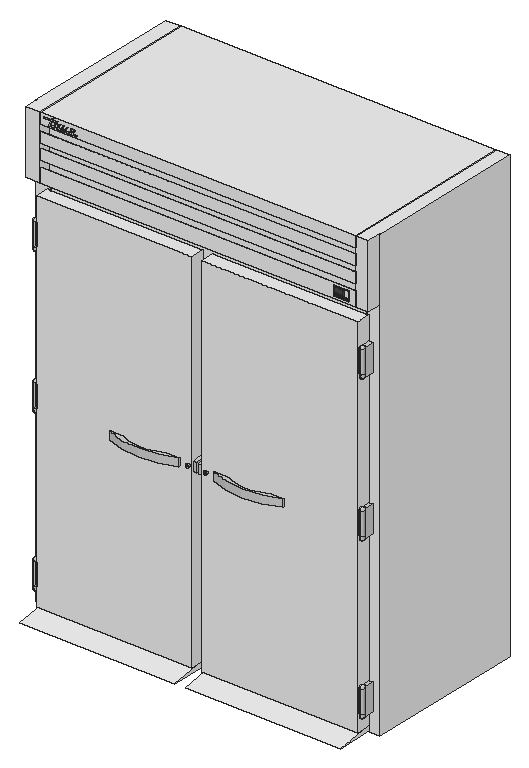
Revit family
Parameters
  Weight in Pounds = 0
  Watts = Volts * FL Amps  # 1357 W
  Volts = 115 V
  URL Cutsheet = "www.truemfg.com"
  URL = "www.truemfg.com"
  Type Mark [instance] = ""
  Type Comments = ""
  Status [instance] = ""
  Specification by User [instance] = ""
  Specification by Manufacturer = ""
  Show Logo [instance] = yes
  Show Clearance [instance] = yes
  Serial Number = ""
  Seismic Rating = ""
  SMACNA No = ""
  Revision Code [instance] = ""
  Phase = 1
  Omniclass Number and Title = ""
  Number of Poles [instance] = 1
  NAFEM Spec ID Number = ""
  Model = "STG2RRI89-2S"
  Min Ckt Ampacity = 0 A
  Max Overcurrent Protection = 0 A
  Masterspec = ""
  Manufacturer = "TRUE FOOD SERVICE EQUIPMENT, INC."
  Length = 68"
  Item Number [instance] = ""
  Installed By [instance] = ""
  Identify Quantity as Lot [instance] = yes
  Height = 88 3/4"
  HP = "1/2"
  Furnished By [instance] = ""
  Foodservice Equipment Identifier [instance] = yes
  FL Amps = 11.8 A
  Electrical Remarks [instance] = ""
  Electric Connection Type [instance] = ""
  Elec Conn RI Height [instance] = 0"
  Elec Conn Connection Height [instance] = 0"
  Description = "Roll-in Solid Swing Door Refrigerator"
  Depth = 34 3/4"
  Cycle = 60 Hz
  Conn Plug = "5-15P"
  Conn Conduit = yes
  CSI MasterFormat = ""
  CSI Master Format = ""
  Apparent Power = if(Phase = 3, Volts * FL Amps * 1.73, Volts * FL Amps)  # 1357 VA
Reference planes (in)
  plane 1 "BACK": y = 0
  plane 2: z = 0
  plane 3 "LEFT": x = 0
  plane 4 "RIGHT": x = 68
  plane 5 "FRONT": y = -34.75
  plane 6 "TOP": z = 88.75
  plane 7: x = 2.84375
  plane 8: y = -34.7042
  plane 9: x = 34
  plane 10: z = 73.75
Forms (in)
  Extrusion 1, solid, material "QF_Finishes_Chrome - Satin"
    sketch origin (0.05, 0, 0) x (1, 0, 0) y (0, 1, 0)
      loop
        line (-0.05, 0) -> (-0.05, -32) -> (2.87859, -32) -> (2.87859, 0) -> (-0.05, 0)
    from 0 to 88.75
  Extrusion 2, solid, material "QF_Finishes_Chrome - Satin"
    sketch origin (50.15, 0, 0) x (1, 0, 0) y (0, 1, 0)
      loop
        line (15.15, 0) -> (15.15, -32) -> (17.85, -32) -> (17.85, 0) -> (15.15, 0)
    from 0 to 88.75
  Extrusion 3, solid, material "QF_Finishes_Chrome - Satin"
    sketch origin (0, 0, 0) x (0, 1, 0) y (0, 0, 1)
      loop
        line (-34.7042, 76.28125) -> (-32, 76.28125) -> (-32, 0) -> (0, 0) -> (0, 88.75) -> (-34.7042, 88.75) -> (-34.7042, 86.65578) -> (-32.5, 85.08852) -> (-32.5, 83.96625) -> (-34.7042, 85.53351) -> (-34.7042, 83.3998) -> (-32.5, 81.83254) -> (-32.5, 80.87178) -> (-34.7042, 82.43904) -> (-34.7042, 80.34284) -> (-32.5, 78.77557) -> (-32.5, 77.5) -> (-34.7042, 79.06726) -> (-34.7042, 76.28125)
    from 2.92859 to 65.3
  Extrusion 4, solid, material "QF_Finishes_Chrome - Satin"
    sketch origin (0, 0, 0) x (1, 0, 0) y (0, 1, 0)
      loop
        line (67.84782, -32) -> (65.3, -32) -> (65.3, -34.75) -> (67.84782, -34.75) -> (67.84782, -32)
    from 76.28125 to 88.75
  Extrusion 5, solid, material "QF_Finishes_Chrome - Satin"
    sketch origin (-50.125, 0, 0.25) x (1, 0, 0) y (0, 1, 0)
      loop
        line (53.05359, -32) -> (50.24109, -32) -> (50.24109, -34.75) -> (53.05359, -34.75) -> (53.05359, -32)
    from 76.03125 to 88.5
  Extrusion 6, solid, material "QF_Finishes_Chrome - Satin"
    sketch origin (8.03125, -1, -0.71875) x (1, 0, 0) y (0, 0, 1)
      loop
        line (26.96875, 1.71875) -> (57.65625, 1.71875) -> (57.65625, 74.46875) -> (26.96875, 74.46875) -> (26.96875, 1.71875)
    from 31 to 33.75
  Extrusion 7, solid, material "QF_Finishes_Handrails and Railings"
    sketch origin (91.34375, -0.25, 24.93519) x (1, 0, 0) y (0, 1, 0)
      loop
        line (-53.875, -34.5) -> (-53.875, -34.7)
        arc (-53.875, -34.7) -> (-47.075, -36.14405) -> (-40.275, -34.7) r 16.7325
        line (-40.275, -34.7) -> (-40.275, -34.5) -> (-42.675, -34.5)
        arc (-42.675, -34.5) -> (-47.075, -35.65816) -> (-51.475, -34.5) r 8.93715
        line (-51.475, -34.5) -> (-53.875, -34.5)
    from 10.87731 to 12.37731
  Extrusion 8, solid, material "QF_Finishes_Handrails and Railings"
    sketch origin (9.34375, -1.08467, -3.5) x (1, 0, 0) y (0, 0, 1)
      loop
        circle (26.4375, 40.0625) r 0.35
      loop
        line (26.47265, 40.33635) -> (26.41715, 40.33635) -> (26.41715, 39.76895) -> (26.47265, 39.76895) -> (26.47265, 40.33635)
    from 33.5 to 33.83066
  Extrusion 9, solid, material "QF_Finishes_Handrails and Railings", visible <- "Show Logo"
    sketch origin (0.33478, 0.06376, 5.17482) x (1, 0, 0) y (0, 0, 1)
      loop
        line (3.46044, 83.08731) -> (3.35478, 82.86073) -> (4.76027, 82.86073)
        arc (4.76027, 82.86073) -> (4.78879, 82.81028) -> (4.76027, 82.75984) r 0.05887
        line (4.76027, 82.75984) -> (4.39369, 81.97372)
        arc (4.39369, 81.97372) -> (4.39051, 81.90091) -> (4.43975, 81.84717) r 0.09523
        line (4.43975, 81.84717) -> (5.33844, 81.84717)
        arc (5.33844, 81.84717) -> (5.45192, 81.88295) -> (5.52436, 81.97735) r 0.19785
        line (5.52436, 81.97735) -> (5.81285, 82.59601) -> (6.0779, 82.59601)
        arc (6.0779, 82.59601) -> (6.14744, 82.57043) -> (6.13737, 82.49703) r 0.05911
        line (6.13737, 82.49703) -> (5.89598, 81.97937)
        arc (5.89598, 81.97937) -> (5.89974, 81.8934) -> (5.97231, 81.84717) r 0.09318
        line (5.97231, 81.84717) -> (6.76198, 81.84717)
        arc (6.76198, 81.84717) -> (6.82249, 81.86919) -> (6.85468, 81.92495) r 0.09412
        arc (6.85468, 81.92495) -> (6.87746, 81.86995) -> (6.93246, 81.84717) r 0.07778
        line (6.93246, 81.84717) -> (7.43246, 81.84717)
        arc (7.43246, 81.84717) -> (7.49022, 81.86265) -> (7.53251, 81.90493) r 0.11552
        arc (7.53251, 81.90493) -> (7.55275, 81.85606) -> (7.60162, 81.83581) r 0.06912
        line (7.60162, 81.83581) -> (8.31225, 81.83581)
        arc (8.31225, 81.83581) -> (8.37034, 81.85988) -> (8.39441, 81.91797) r 0.08216
        arc (8.39441, 81.91797) -> (8.44767, 81.86472) -> (8.52042, 81.84522) r 0.14551
        line (8.52042, 81.84522) -> (9.85158, 81.84522) -> (9.99946, 82.10134) -> (8.65678, 82.10134)
        arc (8.65678, 82.10134) -> (8.61972, 82.12704) -> (8.61834, 82.17211) r 0.05009
        line (8.61834, 82.17211) -> (8.64157, 82.22192)
        arc (8.64157, 82.22192) -> (8.67723, 82.26864) -> (8.73327, 82.28635) r 0.09747
        line (8.73327, 82.28635) -> (9.16485, 82.28635)
        arc (9.16485, 82.28635) -> (9.258, 82.31131) -> (9.32619, 82.3795) r 0.1863
        line (9.32619, 82.3795) -> (9.45119, 82.59601)
        arc (9.45119, 82.59601) -> (9.45119, 82.71157) -> (9.35111, 82.76934) r 0.11556
        line (9.35111, 82.76934) -> (8.89562, 82.76934)
        arc (8.89562, 82.76934) -> (8.7795, 82.74962) -> (8.69849, 82.66412) r 0.18605
        line (8.69849, 82.66412) -> (8.48204, 82.19993)
        arc (8.48204, 82.19993) -> (8.41815, 82.11667) -> (8.31806, 82.08511) r 0.1745
        line (8.31806, 82.08511) -> (7.84559, 82.08511)
        arc (7.84559, 82.08511) -> (7.78903, 82.14684) -> (7.79268, 82.23048) r 0.10939
        line (7.79268, 82.23048) -> (8.04395, 82.76934) -> (7.88403, 82.76934) -> (7.61781, 82.19844)
        arc (7.61781, 82.19844) -> (7.56609, 82.13103) -> (7.48505, 82.10548) r 0.14128
        line (7.48505, 82.10548) -> (7.15925, 82.10548)
        arc (7.15925, 82.10548) -> (7.10419, 82.17723) -> (7.116, 82.26689) r 0.11816
        line (7.116, 82.26689) -> (7.3503, 82.76934) -> (7.18514, 82.76934) -> (6.91546, 82.191)
        arc (6.91546, 82.191) -> (6.85285, 82.12839) -> (6.76733, 82.10548) r 0.17104
        line (6.76733, 82.10548) -> (6.29555, 82.10548)
        arc (6.29555, 82.10548) -> (6.21082, 82.14499) -> (6.20267, 82.23813) r 0.0935
        line (6.20267, 82.23813) -> (6.35774, 82.57069) -> (6.57695, 82.57069)
        arc (6.57695, 82.57069) -> (6.61395, 82.68217) -> (6.69267, 82.76934) r 0.2857
        line (6.69267, 82.76934) -> (5.83605, 82.76934)
        arc (5.83605, 82.76934) -> (5.74086, 82.74824) -> (5.67498, 82.67635) r 0.16212
        line (5.67498, 82.67635) -> (5.44279, 82.17841)
        arc (5.44279, 82.17841) -> (5.3894, 82.12502) -> (5.31647, 82.10548) r 0.14586
        line (5.31647, 82.10548) -> (4.80506, 82.10548)
        arc (4.80506, 82.10548) -> (4.76514, 82.15942) -> (4.77274, 82.22609) r 0.09155
        line (4.77274, 82.22609) -> (5.11018, 82.86073) -> (5.96155, 82.86073) -> (6.06721, 83.08731) -> (5.21584, 83.08731) -> (5.32149, 83.31388) -> (5.01862, 83.31388) -> (4.91297, 83.08731) -> (3.46044, 83.08731)
      loop
        arc (8.83805, 82.56363) -> (8.80119, 82.55375) -> (8.7742, 82.52676) r 0.07373
        line (8.7742, 82.52676) -> (8.75229, 82.45936)
        arc (8.75229, 82.45936) -> (8.76245, 82.43483) -> (8.78699, 82.42466) r 0.0347
        line (8.78699, 82.42466) -> (9.15948, 82.42466)
        arc (9.15948, 82.42466) -> (9.18632, 82.43061) -> (9.20812, 82.44734) r 0.0635
        line (9.20812, 82.44734) -> (9.22624, 82.53122)
        arc (9.22624, 82.53122) -> (9.22091, 82.55368) -> (9.20009, 82.56363) r 0.02676
        line (9.20009, 82.56363) -> (8.83805, 82.56363)
    from 34.76797 to 34.83173
  Extrusion 10, solid, material "QF_Finishes_White"
    sketch origin (-22.74812, 0.0458, -7.83472) x (1, 0, 0) y (0, 0, 1)
      loop
        line (83.81732, 86.35727) -> (83.81732, 84.60996) -> (86.72357, 84.60996) -> (86.72357, 86.35727) -> (83.81732, 86.35727)
    from 34.75 to 34.76797
  Extrusion 11, solid, material "QF_Finishes_Black"
    sketch origin (-22.74812, 0.0458, -7.83472) x (1, 0, 0) y (0, 0, 1)
      loop
        line (86.78607, 86.41977) -> (83.75482, 86.41977) -> (83.75482, 84.54746) -> (86.78607, 84.54746) -> (86.78607, 86.41977)
      loop
        spline (83.95482, 84.87872) -> (83.96333, 84.86254) -> (83.98831, 84.84747) -> (84.02804, 84.83452) -> (84.07982, 84.82459) -> (84.14011, 84.81835) -> (84.20482, 84.81622) -> (84.26952, 84.81835) -> (84.32982, 84.82459) -> (84.38159, 84.83452) -> (84.42132, 84.84747) -> (84.4463, 84.86254) -> (84.45482, 84.87872)
        spline (84.45482, 84.87872) -> (84.4463, 84.89489) -> (84.42132, 84.90997) -> (84.38159, 84.92291) -> (84.32982, 84.93284) -> (84.26952, 84.93909) -> (84.20482, 84.94122) -> (84.14011, 84.93909) -> (84.07982, 84.93284) -> (84.02804, 84.92291) -> (83.98831, 84.90997) -> (83.96333, 84.89489) -> (83.95482, 84.87872)
      loop
        spline (84.65083, 84.87872) -> (84.65935, 84.86254) -> (84.68432, 84.84747) -> (84.72405, 84.83452) -> (84.77583, 84.82459) -> (84.83612, 84.81835) -> (84.90083, 84.81622) -> (84.96553, 84.81835) -> (85.02583, 84.82459) -> (85.07761, 84.83452) -> (85.11734, 84.84747) -> (85.14231, 84.86254) -> (85.15083, 84.87872)
        spline (85.15083, 84.87872) -> (85.14231, 84.89489) -> (85.11734, 84.90997) -> (85.07761, 84.92291) -> (85.02583, 84.93284) -> (84.96553, 84.93909) -> (84.90083, 84.94122) -> (84.83612, 84.93909) -> (84.77583, 84.93284) -> (84.72405, 84.92291) -> (84.68432, 84.90997) -> (84.65935, 84.89489) -> (84.65083, 84.87872)
      loop
        spline (85.40083, 84.87872) -> (85.40935, 84.86254) -> (85.43432, 84.84747) -> (85.47405, 84.83452) -> (85.52583, 84.82459) -> (85.58612, 84.81835) -> (85.65083, 84.81622) -> (85.71553, 84.81835) -> (85.77583, 84.82459) -> (85.82761, 84.83452) -> (85.86734, 84.84747) -> (85.89231, 84.86254) -> (85.90083, 84.87872)
        spline (85.90083, 84.87872) -> (85.89231, 84.89489) -> (85.86734, 84.90997) -> (85.82761, 84.92291) -> (85.77583, 84.93284) -> (85.71553, 84.93909) -> (85.65083, 84.94122) -> (85.58612, 84.93909) -> (85.52583, 84.93284) -> (85.47405, 84.92291) -> (85.43432, 84.90997) -> (85.40935, 84.89489) -> (85.40083, 84.87872)
      loop
        line (83.95481, 86.21978) -> (83.95481, 85.21978) -> (85.65433, 85.21978) -> (85.65433, 86.21978) -> (83.95481, 86.21978)
      loop
        line (86.72357, 86.35727) -> (83.81732, 86.35727) -> (83.81732, 84.60996) -> (86.72357, 84.60996) -> (86.72357, 86.35727)
      loop
        spline (86.15083, 84.87872) -> (86.15935, 84.86254) -> (86.18432, 84.84747) -> (86.22405, 84.83452) -> (86.27583, 84.82459) -> (86.33612, 84.81835) -> (86.40083, 84.81622) -> (86.46553, 84.81835) -> (86.52583, 84.82459) -> (86.57761, 84.83452) -> (86.61734, 84.84747) -> (86.64231, 84.86254) -> (86.65083, 84.87872)
        spline (86.65083, 84.87872) -> (86.64231, 84.89489) -> (86.61734, 84.90997) -> (86.57761, 84.92291) -> (86.52583, 84.93284) -> (86.46553, 84.93909) -> (86.40083, 84.94122) -> (86.33612, 84.93909) -> (86.27583, 84.93284) -> (86.22405, 84.92291) -> (86.18432, 84.90997) -> (86.15935, 84.89489) -> (86.15083, 84.87872)
    from 34.76797 to 34.80335
  Extrusion 12, solid
    sketch origin (-25.125, 0, 0) x (1, 0, 0) y (0, 0, 1)
      loop
        circle (89.875, 86.625) r 0.25
    from 0 to 0.0625
  Blend 13, solid, material "QF_Finishes_Handrails and Railings"
    base sketch origin (60.25, -1, -1.5) x (-1, 0, 0) y (0, 0, -1)
      loop
        line (25.25, -38.99169) -> (26, -38.99169) -> (26, -37.24169) -> (25.25, -37.24169) -> (25.25, -38.99169)
    top sketch origin (60.25, 0, -1.5) x (-1, 0, 0) y (0, 0, -1)
      loop
        line (26.18223, -36.6441) -> (25.25, -36.6441) -> (25.25, -39.42643) -> (26.18223, -39.42643) -> (26.18223, -36.6441)
    from 33.57883 to 32
  Extrusion 14, solid, material "QF_Finishes_Handrails and Railings"
    sketch origin (66.78125, 0, 0) x (0, 1, 0) y (0, 0, -1)
      loop
        line (-32, -69.17729) -> (-32, -63.86127) -> (-34.25, -63.86127) -> (-34.25, -64.57348) -> (-33.81497, -64.57348) -> (-33.81497, -68.97276)
        arc (-33.81497, -68.97276) -> (-33.75506, -69.11738) -> (-33.61044, -69.17729) r 0.20453
        line (-33.61044, -69.17729) -> (-32, -69.17729)
    from 0.17506 to 1
  Revolve 15, solid, material "QF_Finishes_Handrails and Railings"
    sketch origin (66.28125, 0, 0) x (0, 1, 0) y (0, 0, -1)
      loop
        line (-34.26563, -64.62689) -> (-34.67229, -64.62689) -> (-34.67229, -69.0986)
        arc (-34.67229, -69.0986) -> (-34.53722, -69.35057) -> (-34.26563, -69.43983) r 0.3848
        line (-34.26563, -69.43983) -> (-34.26563, -64.62689)
      loop
        line (-34.26563, -64.57348) -> (-34.26563, -63.67281)
        arc (-34.26563, -63.67281) -> (-34.53264, -63.75883) -> (-34.67229, -64.00212) r 0.38884
        line (-34.67229, -64.00212) -> (-34.67229, -64.57348) -> (-34.26563, -64.57348)
      axis (-34.26563, -63.67281) -> (-34.26563, -69.43983)
    angle from 0 to 360
  Extrusion 16, solid, material "QF_Finishes_Handrails and Railings"
    sketch origin (27.5, -1.07734, 0.0011) x (-1, 0, 0) y (0, 0, -1)
      loop
        line (-38.58509, -69.0986) -> (-38.1875, -69.0986) -> (-38.1875, -64.62579) -> (-38.58509, -64.62579) -> (-38.58509, -69.0986)
    from 32.81497 to 33.59495
  Extrusion 17, solid, material "QF_Finishes_Handrails and Railings"
    sketch origin (66.78125, 0, -24) x (0, 1, 0) y (0, 0, -1)
      loop
        line (-32, -64.55229) -> (-32, -59.23627) -> (-34.25, -59.23627) -> (-34.25, -59.94848) -> (-33.81497, -59.94848) -> (-33.81497, -64.34776)
        arc (-33.81497, -64.34776) -> (-33.75506, -64.49238) -> (-33.61044, -64.55229) r 0.20453
        line (-33.61044, -64.55229) -> (-32, -64.55229)
    from 0.17506 to 1
  Revolve 18, solid, material "QF_Finishes_Handrails and Railings"
    sketch origin (66.28125, 0, -24) x (0, 1, 0) y (0, 0, -1)
      loop
        line (-34.26563, -60.00189) -> (-34.67229, -60.00189) -> (-34.67229, -64.4736)
        arc (-34.67229, -64.4736) -> (-34.53722, -64.72557) -> (-34.26563, -64.81483) r 0.3848
        line (-34.26563, -64.81483) -> (-34.26563, -60.00189)
      loop
        line (-34.26563, -59.94848) -> (-34.26563, -59.04781)
        arc (-34.26563, -59.04781) -> (-34.53264, -59.13383) -> (-34.67229, -59.37712) r 0.38884
        line (-34.67229, -59.37712) -> (-34.67229, -59.94848) -> (-34.26563, -59.94848)
      axis (-34.26563, -59.04781) -> (-34.26563, -64.81483)
    angle from 0 to 360
  Extrusion 19, solid, material "QF_Finishes_Handrails and Railings"
    sketch origin (27.5, -1.07734, -23.9989) x (-1, 0, 0) y (0, 0, -1)
      loop
        line (-38.58509, -64.4736) -> (-38.1875, -64.4736) -> (-38.1875, -60.00079) -> (-38.58509, -60.00079) -> (-38.58509, -64.4736)
    from 32.81497 to 33.59495
  Extrusion 20, solid, material "QF_Finishes_Handrails and Railings"
    sketch origin (66.78125, 0, -55.5) x (0, 1, 0) y (0, 0, -1)
      loop
        line (-32, -64.55229) -> (-32, -59.23627) -> (-34.25, -59.23627) -> (-34.25, -59.94848) -> (-33.81497, -59.94848) -> (-33.81497, -64.34776)
        arc (-33.81497, -64.34776) -> (-33.75506, -64.49238) -> (-33.61044, -64.55229) r 0.20453
        line (-33.61044, -64.55229) -> (-32, -64.55229)
    from 0.17506 to 1
  Revolve 21, solid, material "QF_Finishes_Handrails and Railings"
    sketch origin (66.28125, 0, -55.5) x (0, 1, 0) y (0, 0, -1)
      loop
        line (-34.26563, -60.00189) -> (-34.67229, -60.00189) -> (-34.67229, -64.4736)
        arc (-34.67229, -64.4736) -> (-34.53722, -64.72557) -> (-34.26563, -64.81483) r 0.3848
        line (-34.26563, -64.81483) -> (-34.26563, -60.00189)
      loop
        line (-34.26563, -59.94848) -> (-34.26563, -59.04781)
        arc (-34.26563, -59.04781) -> (-34.53264, -59.13383) -> (-34.67229, -59.37712) r 0.38884
        line (-34.67229, -59.37712) -> (-34.67229, -59.94848) -> (-34.26563, -59.94848)
      axis (-34.26563, -59.04781) -> (-34.26563, -64.81483)
    angle from 0 to 360
  Extrusion 22, solid, material "QF_Finishes_Handrails and Railings"
    sketch origin (27.5, -1.07734, -55.4989) x (-1, 0, 0) y (0, 0, -1)
      loop
        line (-38.58509, -64.4736) -> (-38.1875, -64.4736) -> (-38.1875, -60.00079) -> (-38.58509, -60.00079) -> (-38.58509, -64.4736)
    from 32.81497 to 33.59495
  Extrusion 23, solid, material "QF_Finishes_Chrome - Satin"
    sketch origin (65.6875, -1, 1) x (0, 0, 1) y (0, -1, 0)
      loop
        line (-1, 37.875) -> (-1, 31) -> (0, 31) -> (-1, 37.875)
    from 0 to -30.6875
  Extrusion 24, solid, material "QF_Finishes_Chrome - Satin"
    sketch origin (59.96875, -1, -0.71875) x (-1, 0, 0) y (0, 0, -1)
      loop
        line (26.96875, -1.71875) -> (26.96875, -74.46875) -> (57.65625, -74.46875) -> (57.65625, -1.71875) -> (26.96875, -1.71875)
    from 31 to 33.75
  Extrusion 25, solid, material "QF_Finishes_Handrails and Railings"
    sketch origin (-23.34375, -0.25, 24.93519) x (1, 0, 0) y (0, 1, 0)
      loop
        line (53.875, -34.5) -> (51.475, -34.5)
        arc (51.475, -34.5) -> (47.075, -35.65816) -> (42.675, -34.5) r 8.93715
        line (42.675, -34.5) -> (40.275, -34.5) -> (40.275, -34.7)
        arc (40.275, -34.7) -> (47.075, -36.14405) -> (53.875, -34.7) r 16.7325
        line (53.875, -34.7) -> (53.875, -34.5)
    from 10.87731 to 12.37731
  Extrusion 26, solid, material "QF_Finishes_Handrails and Railings"
    sketch origin (58.65625, -1.08467, -3.5) x (-1, 0, 0) y (0, 0, -1)
      loop
        circle (26.4375, -40.0625) r 0.35
      loop
        line (26.47265, -40.33635) -> (26.47265, -39.76895) -> (26.41715, -39.76895) -> (26.41715, -40.33635) -> (26.47265, -40.33635)
    from 33.5 to 33.83066
  Blend 27, solid, material "QF_Finishes_Handrails and Railings"
    base sketch origin (7.75, -1, -1.5) x (1, 0, 0) y (0, 0, 1)
      loop
        line (25.25, 38.99169) -> (25.25, 37.24169) -> (26, 37.24169) -> (26, 38.99169) -> (25.25, 38.99169)
    top sketch origin (7.75, 0, -1.5) x (1, 0, 0) y (0, 0, 1)
      loop
        line (26.18223, 36.6441) -> (26.18223, 39.42643) -> (25.25, 39.42643) -> (25.25, 36.6441) -> (26.18223, 36.6441)
    from 33.57883 to 32
  Extrusion 28, solid, material "QF_Finishes_Handrails and Railings"
    sketch origin (1.21875, 0, 0) x (0, 1, 0) y (0, 0, 1)
      loop
        line (-32, 69.17729) -> (-33.61044, 69.17729)
        arc (-33.61044, 69.17729) -> (-33.75506, 69.11738) -> (-33.81497, 68.97276) r 0.20453
        line (-33.81497, 68.97276) -> (-33.81497, 64.57348) -> (-34.25, 64.57348) -> (-34.25, 63.86127) -> (-32, 63.86127) -> (-32, 69.17729)
    from 0.17506 to 1
  Revolve 29, solid, material "QF_Finishes_Handrails and Railings"
    sketch origin (1.71875, 0, 0) x (0, 1, 0) y (0, 0, 1)
      loop
        line (-34.26563, 64.62689) -> (-34.26563, 69.43983)
        arc (-34.26563, 69.43983) -> (-34.53722, 69.35057) -> (-34.67229, 69.0986) r 0.3848
        line (-34.67229, 69.0986) -> (-34.67229, 64.62689) -> (-34.26563, 64.62689)
      loop
        line (-34.26563, 64.57348) -> (-34.67229, 64.57348) -> (-34.67229, 64.00212)
        arc (-34.67229, 64.00212) -> (-34.53264, 63.75883) -> (-34.26563, 63.67281) r 0.38884
        line (-34.26563, 63.67281) -> (-34.26563, 64.57348)
      axis (-34.26563, 63.67281) -> (-34.26563, 69.43983)
    angle from 0 to 360
  Extrusion 30, solid, material "QF_Finishes_Handrails and Railings"
    sketch origin (40.5, -1.07734, 0.0011) x (1, 0, 0) y (0, 0, 1)
      loop
        line (-38.58509, 69.0986) -> (-38.58509, 64.62579) -> (-38.1875, 64.62579) -> (-38.1875, 69.0986) -> (-38.58509, 69.0986)
    from 32.81497 to 33.59495
  Extrusion 31, solid, material "QF_Finishes_Handrails and Railings"
    sketch origin (1.21875, 0, -24) x (0, 1, 0) y (0, 0, 1)
      loop
        line (-32, 64.55229) -> (-33.61044, 64.55229)
        arc (-33.61044, 64.55229) -> (-33.75506, 64.49238) -> (-33.81497, 64.34776) r 0.20453
        line (-33.81497, 64.34776) -> (-33.81497, 59.94848) -> (-34.25, 59.94848) -> (-34.25, 59.23627) -> (-32, 59.23627) -> (-32, 64.55229)
    from 0.17506 to 1
  Revolve 32, solid, material "QF_Finishes_Handrails and Railings"
    sketch origin (1.71875, 0, -24) x (0, 1, 0) y (0, 0, 1)
      loop
        line (-34.26563, 60.00189) -> (-34.26563, 64.81483)
        arc (-34.26563, 64.81483) -> (-34.53722, 64.72557) -> (-34.67229, 64.4736) r 0.3848
        line (-34.67229, 64.4736) -> (-34.67229, 60.00189) -> (-34.26563, 60.00189)
      loop
        line (-34.26563, 59.94848) -> (-34.67229, 59.94848) -> (-34.67229, 59.37712)
        arc (-34.67229, 59.37712) -> (-34.53264, 59.13383) -> (-34.26563, 59.04781) r 0.38884
        line (-34.26563, 59.04781) -> (-34.26563, 59.94848)
      axis (-34.26563, 59.04781) -> (-34.26563, 64.81483)
    angle from 0 to 360
  Extrusion 33, solid, material "QF_Finishes_Handrails and Railings"
    sketch origin (40.5, -1.07734, -23.9989) x (1, 0, 0) y (0, 0, 1)
      loop
        line (-38.58509, 64.4736) -> (-38.58509, 60.00079) -> (-38.1875, 60.00079) -> (-38.1875, 64.4736) -> (-38.58509, 64.4736)
    from 32.81497 to 33.59495
  Extrusion 34, solid, material "QF_Finishes_Handrails and Railings"
    sketch origin (1.21875, 0, -55.5) x (0, 1, 0) y (0, 0, 1)
      loop
        line (-32, 64.55229) -> (-33.61044, 64.55229)
        arc (-33.61044, 64.55229) -> (-33.75506, 64.49238) -> (-33.81497, 64.34776) r 0.20453
        line (-33.81497, 64.34776) -> (-33.81497, 59.94848) -> (-34.25, 59.94848) -> (-34.25, 59.23627) -> (-32, 59.23627) -> (-32, 64.55229)
    from 0.17506 to 1
  Revolve 35, solid, material "QF_Finishes_Handrails and Railings"
    sketch origin (1.71875, 0, -55.5) x (0, 1, 0) y (0, 0, 1)
      loop
        line (-34.26563, 60.00189) -> (-34.26563, 64.81483)
        arc (-34.26563, 64.81483) -> (-34.53722, 64.72557) -> (-34.67229, 64.4736) r 0.3848
        line (-34.67229, 64.4736) -> (-34.67229, 60.00189) -> (-34.26563, 60.00189)
      loop
        line (-34.26563, 59.94848) -> (-34.67229, 59.94848) -> (-34.67229, 59.37712)
        arc (-34.67229, 59.37712) -> (-34.53264, 59.13383) -> (-34.26563, 59.04781) r 0.38884
        line (-34.26563, 59.04781) -> (-34.26563, 59.94848)
      axis (-34.26563, 59.04781) -> (-34.26563, 64.81483)
    angle from 0 to 360
  Extrusion 36, solid, material "QF_Finishes_Handrails and Railings"
    sketch origin (40.5, -1.07734, -55.4989) x (1, 0, 0) y (0, 0, 1)
      loop
        line (-38.58509, 64.4736) -> (-38.58509, 60.00079) -> (-38.1875, 60.00079) -> (-38.1875, 64.4736) -> (-38.58509, 64.4736)
    from 32.81497 to 33.59495
  Extrusion 37, solid, material "QF_Finishes_Chrome - Satin"
    sketch origin (2.3125, -1, 1) x (0, 0, 1) y (0, 1, 0)
      loop
        line (-1, -37.875) -> (0, -31) -> (-1, -31) -> (-1, -37.875)
    from 0 to -30.6875
  Extrusion 38, solid, material "QF_Finishes_Door Clearance", visible <- "Show Clearance", detail levels coarse
    sketch origin (32.71875, -1, 1) x (0, 1, 0) y (1, 0, 0)
      loop
        line (-33.75, -30.40625) -> (-33.75, 0.28125)
        arc (-33.75, 0.28125) -> (-55.44934, -8.70691) -> (-64.4375, -30.40625) r 30.6875
        line (-64.4375, -30.40625) -> (-33.75, -30.40625)
      loop
        line (-33.75, 32.96875) -> (-64.4375, 32.96875)
        arc (-64.4375, 32.96875) -> (-55.44934, 11.26941) -> (-33.75, 2.28125) r 30.6875
        line (-33.75, 2.28125) -> (-33.75, 32.96875)
    from 0 to -72.75
Cuts and joins
  joined: Extrusion 1, Extrusion 2, Extrusion 4, Extrusion 5
Lines and regions (in)
  symbolic lines
    curve 1: line (0, 0, 0) -> (68, 0, 0)
    curve 2: line (0, -34.75, 0) -> (0, 0, 0)
    curve 3: line (68, -34.75, 0) -> (0, -34.75, 0)
    curve 4: line (68, 0, 0) -> (68, -34.75, 0)
    curve 5: line (68, -32.5, 0) -> (0, -32.5, 0)
    curve 6: arc (28.13125, -34.75, 0) -> (23.73125, -35.90816, 0) -> (19.33125, -34.75, 0) r 8.93715
    curve 7: arc (16.93125, -34.95, 0) -> (23.73125, -36.39405, 0) -> (30.53125, -34.95, 0) r 16.7325
    curve 8: line (16.93125, -34.75, 0) -> (16.93125, -34.95, 0)
    curve 9: line (30.53125, -34.95, 0) -> (30.53125, -34.75, 0)
    curve 10: arc (48.66875, -34.75, 0) -> (44.26875, -35.90816, 0) -> (39.86875, -34.75, 0) r 8.93715
    curve 11: arc (37.46875, -34.95, 0) -> (44.26875, -36.39405, 0) -> (51.06875, -34.95, 0) r 16.7325
    curve 12: line (37.46875, -34.75, 0) -> (37.46875, -34.95, 0)
    curve 13: line (51.06875, -34.95, 0) -> (51.06875, -34.75, 0)
  symbolic lines, style "QF_Door Swings", visible <- "Show Clearance", detail levels coarse
    curve 14: line (2.3125, -34.75, 0) -> (2.3125, -65.4375, 0)
    curve 15: arc (33, -34.75, 0) -> (24.01184, -56.44934, 0) -> (2.3125, -65.4375, 0) r 30.6875
    curve 16: arc (65.6875, -65.4375, 0) -> (43.98816, -56.44934, 0) -> (35, -34.75, 0) r 30.6875
    curve 17: line (65.6875, -65.4375, 0) -> (65.6875, -34.75, 0)
Dimensions and locks (in)
  "Depth": plane 5 "FRONT" to plane 1 "BACK"
  "Height": plane 6 "TOP" to level
  Extrusion 6 sketch curve to Extrusion 6 sketch curve = 30 11/16"
  Extrusion 6 to plane 1 "BACK" = 34 3/4"
  "Length": plane 3 "LEFT" to plane 4 "RIGHT"
  plane 4 "RIGHT" to plane 3 "LEFT" = 68"
  equal spacing: plane 3 "LEFT", plane 9, plane 4 "RIGHT"
  Extrusion 24 sketch curve to Extrusion 24 sketch curve = 30 11/16"
  plane 10 to level = 73 3/4"
  aligned and locked: level to plane 2
Automatic sketch dimensions
  plane 1 "BACK" to curve 1 = 0"
  curve 1 to plane 3 "LEFT" = 0"
  plane 5 "FRONT" to curve 8 = 0"
  curve 4 to plane 4 "RIGHT" = 0"
  plane 5 "FRONT" to curve 7 = 0.2"
  plane 7 to curve 7 = 14.0875"
  curve 8 to curve 6 = 2.4"
  curve 6 to curve 6 = 4.4"
  curve 7 to curve 6 = 0"
  plane 5 "FRONT" to curve 9 = 0.2"
  plane 5 "FRONT" to curve 12 = 0.2"
  curve 12 to plane 9 = 3 15/32"
  curve 12 to curve 10 = 2.4"
  curve 10 to curve 10 = 4.4"
  curve 11 to curve 10 = 0"
  plane 5 "FRONT" to curve 11 = 0.2"
  curve 5 to plane 5 "FRONT" = 2 1/4"
  curve 10 to plane 5 "FRONT" = 7.77899"
  curve 6 to plane 5 "FRONT" = 7.77899"
  curve 10 to curve 11 = 7.30945"
  curve 6 to curve 7 = 7.30945"
  Extrusion 1 sketch curve to plane 3 "LEFT" = 0"
  plane 1 "BACK" to Extrusion 1 sketch curve = 0"
  plane 7 to Extrusion 1 sketch curve = 0.08484"
  Extrusion 1 sketch curve to plane 5 "FRONT" = 2 3/4"
  plane 1 "BACK" to Extrusion 2 sketch curve = 0"
  Extrusion 2 sketch curve to plane 4 "RIGHT" = 0"
  Extrusion 2 sketch curve to plane 4 "RIGHT" = 2.7"
  Extrusion 2 sketch curve to plane 5 "FRONT" = 2 3/4"
  Extrusion 3 sketch curve to plane 8 = 0"  (x4)
  Extrusion 3 sketch curve to level = 0"
  Extrusion 3 sketch curve to plane 6 "TOP" = 0"
  plane 8 to Extrusion 3 sketch curve = 2.2042"  (x2)
  Extrusion 3 sketch curve to Extrusion 3 sketch curve = 0"
  Extrusion 3 sketch curve to Extrusion 3 sketch curve = 1/2"
  plane 1 "BACK" to Extrusion 3 sketch curve = 0"
  Extrusion 3 sketch curve to plane 6 "TOP" = 12 15/32"
  Extrusion 3 sketch curve to Extrusion 3 sketch curve = 1 7/32"
  Extrusion 3 sketch curve to Extrusion 3 sketch curve = 1.27557"  (x2)
  Extrusion 3 sketch curve to Extrusion 3 sketch curve = 0.29169"
  Extrusion 3 sketch curve to Extrusion 3 sketch curve = 2.0962"  (x2)
  Extrusion 3 sketch curve to Extrusion 3 sketch curve = 0.96076"  (x2)
  Extrusion 3 sketch curve to Extrusion 3 sketch curve = 2.13371"  (x2)
  Extrusion 3 sketch curve to Extrusion 3 sketch curve = 1.12227"  (x2)
  plane 5 "FRONT" to Extrusion 4 sketch curve = 0"
  Extrusion 4 sketch curve to plane 4 "RIGHT" = 2.7"
  Extrusion 4 sketch curve to plane 4 "RIGHT" = 0.15218"
  Extrusion 4 sketch curve to plane 5 "FRONT" = 2 3/4"
  plane 5 "FRONT" to Extrusion 5 sketch curve = 0"
  plane 3 "LEFT" to Extrusion 5 sketch curve = 0.11609"
  plane 7 to Extrusion 5 sketch curve = 0.08484"
  Extrusion 5 sketch curve to plane 5 "FRONT" = 2 3/4"
  Extrusion 6 sketch curve to plane 9 = 1"
  level to Extrusion 6 sketch curve = 1"
  Extrusion 6 sketch curve to plane 6 "TOP" = 15"
  plane 5 "FRONT" to Extrusion 7 sketch curve = 0"  (x2)
  Extrusion 7 sketch curve to plane 9 = 3 15/32"
  Extrusion 7 sketch curve to Extrusion 7 sketch curve = 2.4"  (x2)
  Extrusion 7 sketch curve to Extrusion 7 sketch curve = 4.4"
  Extrusion 7 sketch curve to Extrusion 7 sketch curve = 0"
  Extrusion 7 sketch curve to Extrusion 7 sketch curve = 0.2"
  Extrusion 7 sketch curve to plane 5 "FRONT" = 7.77899"
  Extrusion 7 sketch curve to Extrusion 7 sketch curve = 7.30945"
  Extrusion 8 sketch curve to plane 9 = 1.7609"
  Extrusion 8 sketch curve to Extrusion 8 sketch curve = 0.02035"
  Extrusion 8 sketch curve to Extrusion 8 sketch curve = 0.0555"
  level to Extrusion 8 sketch curve = 36.26895"
  Extrusion 8 sketch curve to Extrusion 8 sketch curve = 0.29355"
  Extrusion 8 sketch curve to Extrusion 8 sketch curve = 0.27385"
  plane 7 to Extrusion 9 sketch curve = 0.84582"
  Extrusion 9 sketch curve to Extrusion 9 sketch curve = 0.10565"  (x5)
  Extrusion 9 sketch curve to Extrusion 9 sketch curve = 1.03891"
  Extrusion 9 sketch curve to Extrusion 9 sketch curve = 0.04606"
  Extrusion 9 sketch curve to Extrusion 9 sketch curve = 0.08631"
  Extrusion 9 sketch curve to Extrusion 9 sketch curve = 0.33624"
  Extrusion 9 sketch curve to Extrusion 9 sketch curve = 0.03034"  (x2)
  Extrusion 9 sketch curve to Extrusion 9 sketch curve = 0.29274"
  Extrusion 9 sketch curve to Extrusion 9 sketch curve = 0.03232"
  Extrusion 9 sketch curve to Extrusion 9 sketch curve = 0.04851"
  Extrusion 9 sketch curve to plane 6 "TOP" = 0.48787"
  Extrusion 9 sketch curve to Extrusion 9 sketch curve = 0.1527"
  Extrusion 9 sketch curve to plane 6 "TOP" = 0.2613"
  Extrusion 9 sketch curve to Extrusion 9 sketch curve = 0.19721"
  Extrusion 9 sketch curve to Extrusion 9 sketch curve = 0.4629"
  Extrusion 9 sketch curve to Extrusion 9 sketch curve = 0.02197"
  Extrusion 9 sketch curve to Extrusion 9 sketch curve = 0.12632"
  Extrusion 9 sketch curve to Extrusion 9 sketch curve = 0.18591"
  Extrusion 9 sketch curve to plane 6 "TOP" = 0.89883"
  Extrusion 9 sketch curve to Extrusion 9 sketch curve = 0.2322"
  Extrusion 9 sketch curve to Extrusion 9 sketch curve = 0.13786"
  Extrusion 9 sketch curve to Extrusion 9 sketch curve = 0.00907"
  Extrusion 9 sketch curve to Extrusion 9 sketch curve = 0.01413"
  Extrusion 9 sketch curve to Extrusion 9 sketch curve = 0.37162"
  Extrusion 9 sketch curve to plane 6 "TOP" = 0.71445"
  Extrusion 9 sketch curve to Extrusion 9 sketch curve = 0.12551"
  Extrusion 9 sketch curve to Extrusion 9 sketch curve = 0.07633"
  Extrusion 9 sketch curve to Extrusion 9 sketch curve = 0.08445"
  Extrusion 9 sketch curve to Extrusion 9 sketch curve = 0.25598"
  Extrusion 9 sketch curve to Extrusion 9 sketch curve = 0.01887"
  Extrusion 9 sketch curve to Extrusion 9 sketch curve = 0.04061"
  Extrusion 9 sketch curve to plane 6 "TOP" = 1.33705"
  Extrusion 9 sketch curve to Extrusion 9 sketch curve = 0.0653"
  Extrusion 9 sketch curve to Extrusion 9 sketch curve = 0.08474"
  Extrusion 9 sketch curve to Extrusion 9 sketch curve = 0.00815"
  Extrusion 9 sketch curve to Extrusion 9 sketch curve = 0.22037"
  Extrusion 9 sketch curve to Extrusion 9 sketch curve = 0.21921"
  Extrusion 9 sketch curve to Extrusion 9 sketch curve = 0.11572"
  Extrusion 9 sketch curve to Extrusion 9 sketch curve = 0.46643"
  Extrusion 9 sketch curve to Extrusion 9 sketch curve = 0.00535"
  Extrusion 9 sketch curve to Extrusion 9 sketch curve = 0.09269"
  Extrusion 9 sketch curve to Extrusion 9 sketch curve = 0.09348"
  Extrusion 9 sketch curve to Extrusion 9 sketch curve = 0.14812"
  Extrusion 9 sketch curve to Extrusion 9 sketch curve = 0.07778"
  Extrusion 9 sketch curve to Extrusion 9 sketch curve = 0.20054"
  Extrusion 9 sketch curve to Extrusion 9 sketch curve = 0.04325"
  Extrusion 9 sketch curve to plane 6 "TOP" = 0.80584"  (x2)
  Extrusion 9 sketch curve to Extrusion 9 sketch curve = 0.32433"
  Extrusion 9 sketch curve to Extrusion 9 sketch curve = 0.10233"  (x2)
  Extrusion 9 sketch curve to Extrusion 9 sketch curve = 0.16515"
  Extrusion 9 sketch curve to Extrusion 9 sketch curve = 0.27321"
  Extrusion 9 sketch curve to Extrusion 9 sketch curve = 0.0526"
  Extrusion 9 sketch curve to Extrusion 9 sketch curve = 0.10005"
  Extrusion 9 sketch curve to Extrusion 9 sketch curve = 0.06912"
  Extrusion 9 sketch curve to Extrusion 9 sketch curve = 0.13276"
  Extrusion 9 sketch curve to plane 6 "TOP" = 1.3447"
  Extrusion 9 sketch curve to Extrusion 9 sketch curve = 0.17486"
  Extrusion 9 sketch curve to Extrusion 9 sketch curve = 0.05291"
  Extrusion 9 sketch curve to Extrusion 9 sketch curve = 0.53374"
  Extrusion 9 sketch curve to Extrusion 9 sketch curve = 0.09914"
  Extrusion 9 sketch curve to Extrusion 9 sketch curve = 0.15992"
  Extrusion 9 sketch curve to Extrusion 9 sketch curve = 0.46666"
  Extrusion 9 sketch curve to Extrusion 9 sketch curve = 0.00582"
  Extrusion 9 sketch curve to Extrusion 9 sketch curve = 0.08216"
  Extrusion 9 sketch curve to Extrusion 9 sketch curve = 0.16397"
  Extrusion 9 sketch curve to Extrusion 9 sketch curve = 0.12601"
  Extrusion 9 sketch curve to plane 6 "TOP" = 1.40307"
  Extrusion 9 sketch curve to Extrusion 9 sketch curve = 0.1363"
  Extrusion 9 sketch curve to plane 6 "TOP" = 1.35326"
  Extrusion 9 sketch curve to Extrusion 9 sketch curve = 0.02323"
  Extrusion 9 sketch curve to Extrusion 9 sketch curve = 0.03844"
  Extrusion 9 sketch curve to Extrusion 9 sketch curve = 0.0454"
  Extrusion 9 sketch curve to Extrusion 9 sketch curve = 0.05693"
  Extrusion 9 sketch curve to Extrusion 9 sketch curve = 0.0917"
  Extrusion 9 sketch curve to Extrusion 9 sketch curve = 0.01902"
  Extrusion 9 sketch curve to Extrusion 9 sketch curve = 0.02191"
  Extrusion 9 sketch curve to Extrusion 9 sketch curve = 0.0347"
  Extrusion 9 sketch curve to Extrusion 9 sketch curve = 0.06385"
  Extrusion 9 sketch curve to Extrusion 9 sketch curve = 0.02906"
  Extrusion 9 sketch curve to Extrusion 9 sketch curve = 0.02851"
  Extrusion 9 sketch curve to Extrusion 9 sketch curve = 0.29237"
  Extrusion 9 sketch curve to Extrusion 9 sketch curve = 0.00537"
  Extrusion 9 sketch curve to Extrusion 9 sketch curve = 0.0406"
  Extrusion 9 sketch curve to plane 6 "TOP" = 1.12784"
  Extrusion 9 sketch curve to Extrusion 9 sketch curve = 0.04327"
  Extrusion 9 sketch curve to Extrusion 9 sketch curve = 0.02615"
  Extrusion 9 sketch curve to plane 6 "TOP" = 1.19568"
  Extrusion 9 sketch curve to Extrusion 9 sketch curve = 0.11806"
  Extrusion 9 sketch curve to Extrusion 9 sketch curve = 0.15103"
  Extrusion 9 sketch curve to Extrusion 9 sketch curve = 0.10007"
  Extrusion 9 sketch curve to Extrusion 9 sketch curve = 0.5254"
  Extrusion 9 sketch curve to plane 6 "TOP" = 1.47384"
  Extrusion 9 sketch curve to Extrusion 9 sketch curve = 0.14787"
  Extrusion 9 sketch curve to Extrusion 9 sketch curve = 0.14537"
  Extrusion 9 sketch curve to Extrusion 9 sketch curve = 0.63134"
  Extrusion 9 sketch curve to Extrusion 9 sketch curve = 0.11061"
  Extrusion 9 sketch curve to Extrusion 9 sketch curve = 0.25876"
  Extrusion 9 sketch curve to Extrusion 9 sketch curve = 0.06767"
  Extrusion 9 sketch curve to Extrusion 9 sketch curve = 0.12655"
  Extrusion 9 sketch curve to Extrusion 9 sketch curve = 0.12242"
  Extrusion 9 sketch curve to Extrusion 9 sketch curve = 0.29684"
  Extrusion 9 sketch curve to Extrusion 9 sketch curve = 0.03938"
  Extrusion 9 sketch curve to Extrusion 9 sketch curve = 0.06046"
  Extrusion 9 sketch curve to Extrusion 9 sketch curve = 0.13266"
  Extrusion 9 sketch curve to Extrusion 9 sketch curve = 0.14279"
  Extrusion 9 sketch curve to Extrusion 9 sketch curve = 0.07293"
  Extrusion 9 sketch curve to Extrusion 9 sketch curve = 0.07764"
  Extrusion 9 sketch curve to Extrusion 9 sketch curve = 0.03794"
  Extrusion 9 sketch curve to Extrusion 9 sketch curve = 0.08552"
  Extrusion 9 sketch curve to Extrusion 9 sketch curve = 0.09296"
  Extrusion 9 sketch curve to Extrusion 9 sketch curve = 0.02781"
  Extrusion 9 sketch curve to Extrusion 9 sketch curve = 0.04799"
  Extrusion 9 sketch curve to Extrusion 9 sketch curve = 0.03054"
  Extrusion 9 sketch curve to Extrusion 9 sketch curve = 0.2589"
  Extrusion 9 sketch curve to Extrusion 9 sketch curve = 0.0674"
  Extrusion 9 sketch curve to Extrusion 9 sketch curve = 0.0324"
  Extrusion 9 sketch curve to Extrusion 9 sketch curve = 0.26185"
  Extrusion 9 sketch curve to Extrusion 9 sketch curve = 11/256"
  Extrusion 9 sketch curve to Extrusion 9 sketch curve = 0.07366"
  Extrusion 9 sketch curve to Extrusion 9 sketch curve = 0.02187"
  Extrusion 9 sketch curve to Extrusion 9 sketch curve = 0.06479"
  Extrusion 9 sketch curve to Extrusion 9 sketch curve = 0.05778"
  Extrusion 9 sketch curve to Extrusion 9 sketch curve = 0.32747"
  Extrusion 9 sketch curve to Extrusion 9 sketch curve = 0.05045"
  Extrusion 9 sketch curve to Extrusion 9 sketch curve = 29/128"
  Extrusion 10 sketch curve to plane 4 "RIGHT" = 6.9308"
  Extrusion 10 sketch curve to Extrusion 10 sketch curve = 2 29/32"
  Extrusion 10 sketch curve to plane 6 "TOP" = 11.97476"
  Extrusion 10 sketch curve to Extrusion 10 sketch curve = 1.74732"
  Extrusion 11 sketch curve to plane 4 "RIGHT" = 6.9933"
  Extrusion 11 sketch curve to Extrusion 11 sketch curve = 1/16"  (x4)
  Extrusion 11 sketch curve to Extrusion 11 sketch curve = 0.1375"  (x3)
  Extrusion 11 sketch curve to Extrusion 11 sketch curve = 1/4"  (x4)
  Extrusion 11 sketch curve to Extrusion 11 sketch curve = 0.44601"
  Extrusion 11 sketch curve to Extrusion 11 sketch curve = 1/2"  (x2)
  Extrusion 11 sketch curve to Extrusion 11 sketch curve = 0.0035"
  Extrusion 11 sketch curve to Extrusion 11 sketch curve = 1.06923"
  Extrusion 11 sketch curve to plane 6 "TOP" = 12.03726"
  Extrusion 11 sketch curve to Extrusion 11 sketch curve = 0.26876"  (x2)
  Extrusion 11 sketch curve to Extrusion 11 sketch curve = 0"  (x2)
  Extrusion 11 sketch curve to Extrusion 11 sketch curve = 0.34106"
  Extrusion 11 sketch curve to Extrusion 11 sketch curve = 1"
  Extrusion 12 sketch curve to plane 4 "RIGHT" = 3 1/4"
  Extrusion 12 sketch curve to plane 6 "TOP" = 2 1/8"
  Blend 13 sketch curve to plane 9 = 1"
  Blend 13 sketch curve to plane 9 = 1/4"
  level to Blend 13 sketch curve = 37.49169"
  Blend 13 sketch curve to Blend 13 sketch curve = 1 3/4"
  plane 9 to Blend 13 sketch curve = 1"
  plane 9 to Blend 13 sketch curve = 0.06777"
  Blend 13 sketch curve to level = 35.1441"
  Blend 13 sketch curve to Blend 13 sketch curve = 2.78233"
  Extrusion 14 sketch curve to plane 5 "FRONT" = 1/2"
  Extrusion 14 sketch curve to Extrusion 14 sketch curve = 0.43503"
  Extrusion 14 sketch curve to Extrusion 14 sketch curve = 0.20453"
  Extrusion 14 sketch curve to Extrusion 14 sketch curve = 1.61044"
  Extrusion 14 sketch curve to plane 6 "TOP" = 19.57271"
  Extrusion 14 sketch curve to Extrusion 14 sketch curve = 4.39928"
  Extrusion 14 sketch curve to Extrusion 14 sketch curve = 0.71221"
  Revolve 15 sketch curve to plane 5 "FRONT" = 0.07771"  (x2)
  Revolve 15 sketch curve to Revolve 15 sketch curve = 0.38242"
  Revolve 15 sketch curve to Revolve 15 sketch curve = 0.38436"
  Revolve 15 sketch curve to plane 5 "FRONT" = 31/64"
  Revolve 15 sketch curve to Revolve 15 sketch curve = 0.40666"
  Revolve 15 sketch curve to Revolve 15 sketch curve = 0"
  Revolve 15 sketch curve to plane 6 "TOP" = 18.75492"
  Revolve 15 sketch curve to Revolve 15 sketch curve = 0.55526"
  Revolve 15 sketch curve to Revolve 15 sketch curve = 0.19474"
  Revolve 15 sketch curve to Revolve 15 sketch curve = 0.14649"
  Revolve 15 sketch curve to Revolve 15 sketch curve = 4.42889"
  Revolve 15 sketch curve to Revolve 15 sketch curve = 0.05342"
  Revolve 15 sketch curve to Revolve 15 sketch curve = 0.51246"
  Revolve 15 sketch curve to Revolve 15 sketch curve = 0.05889"
  Extrusion 16 sketch curve to plane 4 "RIGHT" = 1.91491"
  Extrusion 16 sketch curve to Extrusion 16 sketch curve = 0.39759"
  Extrusion 16 sketch curve to plane 6 "TOP" = 19.6503"
  Extrusion 16 sketch curve to Extrusion 16 sketch curve = 4.47281"
  Extrusion 17 sketch curve to plane 5 "FRONT" = 1/2"
  Extrusion 17 sketch curve to Extrusion 17 sketch curve = 0.43503"
  Extrusion 17 sketch curve to Extrusion 17 sketch curve = 0.20453"
  Extrusion 17 sketch curve to Extrusion 17 sketch curve = 1.61044"
  level to Extrusion 17 sketch curve = 40.55229"
  Extrusion 17 sketch curve to Extrusion 17 sketch curve = 4.39928"
  Extrusion 17 sketch curve to Extrusion 17 sketch curve = 0.71221"
  Revolve 18 sketch curve to plane 5 "FRONT" = 0.07771"  (x2)
  Revolve 18 sketch curve to Revolve 18 sketch curve = 0.38242"
  Revolve 18 sketch curve to Revolve 18 sketch curve = 0.38436"
  Revolve 18 sketch curve to plane 5 "FRONT" = 31/64"
  Revolve 18 sketch curve to Revolve 18 sketch curve = 0.40666"
  Revolve 18 sketch curve to Revolve 18 sketch curve = 0"
  level to Revolve 18 sketch curve = 41.37008"
  Revolve 18 sketch curve to Revolve 18 sketch curve = 0.55526"
  Revolve 18 sketch curve to Revolve 18 sketch curve = 0.19474"
  Revolve 18 sketch curve to Revolve 18 sketch curve = 0.14649"
  Revolve 18 sketch curve to Revolve 18 sketch curve = 4.42889"
  Revolve 18 sketch curve to Revolve 18 sketch curve = 0.05342"
  Revolve 18 sketch curve to Revolve 18 sketch curve = 0.51246"
  Revolve 18 sketch curve to Revolve 18 sketch curve = 0.05889"
  Extrusion 19 sketch curve to plane 4 "RIGHT" = 1.91491"
  Extrusion 19 sketch curve to Extrusion 19 sketch curve = 0.39759"
  level to Extrusion 19 sketch curve = 40.4747"
  Extrusion 19 sketch curve to Extrusion 19 sketch curve = 4.47281"
  Extrusion 20 sketch curve to plane 5 "FRONT" = 1/2"
  Extrusion 20 sketch curve to Extrusion 20 sketch curve = 0.43503"
  Extrusion 20 sketch curve to Extrusion 20 sketch curve = 0.20453"
  Extrusion 20 sketch curve to Extrusion 20 sketch curve = 1.61044"
  level to Extrusion 20 sketch curve = 9.05229"
  Extrusion 20 sketch curve to Extrusion 20 sketch curve = 4.39928"
  Extrusion 20 sketch curve to Extrusion 20 sketch curve = 0.71221"
  Revolve 21 sketch curve to plane 5 "FRONT" = 0.07771"  (x2)
  Revolve 21 sketch curve to Revolve 21 sketch curve = 0.38242"
  Revolve 21 sketch curve to Revolve 21 sketch curve = 0.38436"
  Revolve 21 sketch curve to plane 5 "FRONT" = 31/64"
  Revolve 21 sketch curve to Revolve 21 sketch curve = 0.40666"
  Revolve 21 sketch curve to Revolve 21 sketch curve = 0"
  level to Revolve 21 sketch curve = 9.87008"
  Revolve 21 sketch curve to Revolve 21 sketch curve = 0.55526"
  Revolve 21 sketch curve to Revolve 21 sketch curve = 0.19474"
  Revolve 21 sketch curve to Revolve 21 sketch curve = 0.14649"
  Revolve 21 sketch curve to Revolve 21 sketch curve = 4.42889"
  Revolve 21 sketch curve to Revolve 21 sketch curve = 0.05342"
  Revolve 21 sketch curve to Revolve 21 sketch curve = 0.51246"
  Revolve 21 sketch curve to Revolve 21 sketch curve = 0.05889"
  Extrusion 22 sketch curve to plane 4 "RIGHT" = 1.91491"
  Extrusion 22 sketch curve to Extrusion 22 sketch curve = 0.39759"
  level to Extrusion 22 sketch curve = 8.9747"
  Extrusion 22 sketch curve to Extrusion 22 sketch curve = 4.47281"
  Extrusion 23 sketch curve to Extrusion 6 = 0"
  Extrusion 6 to Extrusion 23 sketch curve = 0"
  Extrusion 6 to Extrusion 23 sketch curve = 1"
  Extrusion 23 sketch curve to Extrusion 6 = 4 1/8"
  plane 9 to Extrusion 24 sketch curve = 1"
  Extrusion 24 sketch curve to plane 6 "TOP" = 15"
  level to Extrusion 24 sketch curve = 1"
  plane 5 "FRONT" to Extrusion 25 sketch curve = 0"  (x2)
  plane 7 to Extrusion 25 sketch curve = 14.0875"
  Extrusion 25 sketch curve to Extrusion 25 sketch curve = 2.4"  (x2)
  plane 9 to Extrusion 25 sketch curve = 10.26875"
  Extrusion 25 sketch curve to Extrusion 25 sketch curve = 0"
  plane 5 "FRONT" to Extrusion 25 sketch curve = 0.2"
  Extrusion 25 sketch curve to plane 5 "FRONT" = 7.77899"
  Extrusion 25 sketch curve to Extrusion 25 sketch curve = 7.30945"
  plane 9 to Extrusion 26 sketch curve = 1.7609"
  Extrusion 26 sketch curve to Extrusion 26 sketch curve = 0.02035"
  Extrusion 26 sketch curve to Extrusion 26 sketch curve = 0.0555"
  level to Extrusion 26 sketch curve = 36.83635"
  Extrusion 26 sketch curve to Extrusion 26 sketch curve = 0.27385"
  Extrusion 26 sketch curve to Extrusion 26 sketch curve = 0.29355"
  plane 9 to Blend 27 sketch curve = 1"  (x2)
  plane 9 to Blend 27 sketch curve = 1/4"
  level to Blend 27 sketch curve = 35.74169"
  Blend 27 sketch curve to Blend 27 sketch curve = 1 3/4"
  plane 9 to Blend 27 sketch curve = 0.06777"
  level to Blend 27 sketch curve = 35.1441"
  Blend 27 sketch curve to Blend 27 sketch curve = 2.78233"
  Extrusion 28 sketch curve to plane 5 "FRONT" = 1/2"
  Extrusion 28 sketch curve to Extrusion 28 sketch curve = 0.43503"
  Extrusion 28 sketch curve to Extrusion 28 sketch curve = 0.20453"
  Extrusion 28 sketch curve to Extrusion 28 sketch curve = 1.61044"
  Extrusion 28 sketch curve to plane 6 "TOP" = 24.88873"
  Extrusion 28 sketch curve to Extrusion 28 sketch curve = 0.71221"
  Extrusion 28 sketch curve to Extrusion 28 sketch curve = 4.39928"
  Revolve 29 sketch curve to plane 5 "FRONT" = 0.07771"  (x2)
  Revolve 29 sketch curve to Revolve 29 sketch curve = 0.38242"
  Revolve 29 sketch curve to Revolve 29 sketch curve = 0.38436"
  Revolve 29 sketch curve to plane 5 "FRONT" = 31/64"
  Revolve 29 sketch curve to Revolve 29 sketch curve = 0.40666"
  Revolve 29 sketch curve to Revolve 29 sketch curve = 0"
  Revolve 29 sketch curve to plane 6 "TOP" = 25.07719"
  Revolve 29 sketch curve to Revolve 29 sketch curve = 0.32931"
  Revolve 29 sketch curve to Revolve 29 sketch curve = 0.51246"
  Revolve 29 sketch curve to Revolve 29 sketch curve = 0.05342"
  Revolve 29 sketch curve to Revolve 29 sketch curve = 4.42889"
  Revolve 29 sketch curve to Revolve 29 sketch curve = 0.04281"
  Revolve 29 sketch curve to Revolve 29 sketch curve = 0.18929"
  Revolve 29 sketch curve to Revolve 29 sketch curve = 0.55526"
  Extrusion 30 sketch curve to plane 7 = 0.92884"
  Extrusion 30 sketch curve to Extrusion 30 sketch curve = 0.39759"
  Extrusion 30 sketch curve to plane 6 "TOP" = 24.12311"
  Extrusion 30 sketch curve to Extrusion 30 sketch curve = 4.47281"
  Extrusion 31 sketch curve to plane 5 "FRONT" = 1/2"
  Extrusion 31 sketch curve to Extrusion 31 sketch curve = 0.43503"
  Extrusion 31 sketch curve to Extrusion 31 sketch curve = 0.20453"
  Extrusion 31 sketch curve to Extrusion 31 sketch curve = 1.61044"
  level to Extrusion 31 sketch curve = 35.23627"
  Extrusion 31 sketch curve to Extrusion 31 sketch curve = 0.71221"
  Extrusion 31 sketch curve to Extrusion 31 sketch curve = 4.39928"
  Revolve 32 sketch curve to plane 5 "FRONT" = 0.07771"  (x2)
  Revolve 32 sketch curve to Revolve 32 sketch curve = 0.38242"
  Revolve 32 sketch curve to Revolve 32 sketch curve = 0.38436"
  Revolve 32 sketch curve to plane 5 "FRONT" = 31/64"
  Revolve 32 sketch curve to Revolve 32 sketch curve = 0.40666"
  Revolve 32 sketch curve to Revolve 32 sketch curve = 0"
  level to Revolve 32 sketch curve = 35.04781"
  Revolve 32 sketch curve to Revolve 32 sketch curve = 0.32931"
  Revolve 32 sketch curve to Revolve 32 sketch curve = 0.51246"
  Revolve 32 sketch curve to Revolve 32 sketch curve = 0.05342"
  Revolve 32 sketch curve to Revolve 32 sketch curve = 4.42889"
  Revolve 32 sketch curve to Revolve 32 sketch curve = 0.04281"
  Revolve 32 sketch curve to Revolve 32 sketch curve = 0.18929"
  Revolve 32 sketch curve to Revolve 32 sketch curve = 0.55526"
  Extrusion 33 sketch curve to plane 7 = 0.92884"
  Extrusion 33 sketch curve to Extrusion 33 sketch curve = 0.39759"
  level to Extrusion 33 sketch curve = 36.00189"
  Extrusion 33 sketch curve to Extrusion 33 sketch curve = 4.47281"
  Extrusion 34 sketch curve to plane 5 "FRONT" = 1/2"
  Extrusion 34 sketch curve to Extrusion 34 sketch curve = 0.43503"
  Extrusion 34 sketch curve to Extrusion 34 sketch curve = 0.20453"
  Extrusion 34 sketch curve to Extrusion 34 sketch curve = 1.61044"
  level to Extrusion 34 sketch curve = 3.73627"
  Extrusion 34 sketch curve to Extrusion 34 sketch curve = 0.71221"
  Extrusion 34 sketch curve to Extrusion 34 sketch curve = 4.39928"
  Revolve 35 sketch curve to plane 5 "FRONT" = 0.07771"  (x2)
  Revolve 35 sketch curve to Revolve 35 sketch curve = 0.38242"
  Revolve 35 sketch curve to Revolve 35 sketch curve = 0.38436"
  Revolve 35 sketch curve to plane 5 "FRONT" = 31/64"
  Revolve 35 sketch curve to Revolve 35 sketch curve = 0.40666"
  Revolve 35 sketch curve to Revolve 35 sketch curve = 0"
  level to Revolve 35 sketch curve = 3.54781"
  Revolve 35 sketch curve to Revolve 35 sketch curve = 0.32931"
  Revolve 35 sketch curve to Revolve 35 sketch curve = 0.51246"
  Revolve 35 sketch curve to Revolve 35 sketch curve = 0.05342"
  Revolve 35 sketch curve to Revolve 35 sketch curve = 4.42889"
  Revolve 35 sketch curve to Revolve 35 sketch curve = 0.04281"
  Revolve 35 sketch curve to Revolve 35 sketch curve = 0.18929"
  Revolve 35 sketch curve to Revolve 35 sketch curve = 0.55526"
  Extrusion 36 sketch curve to plane 7 = 0.92884"
  Extrusion 36 sketch curve to Extrusion 36 sketch curve = 0.39759"
  level to Extrusion 36 sketch curve = 4.50189"
  Extrusion 36 sketch curve to Extrusion 36 sketch curve = 4.47281"
  Extrusion 37 sketch curve to Extrusion 24 = 0"  (x2)
  Extrusion 24 to Extrusion 37 sketch curve = 1"
  Extrusion 37 sketch curve to Extrusion 24 = 4 1/8"
  curve 14 to plane 7 = 17/32"
  curve 14 to curve 14 = 30 11/16"
  curve 16 to plane 9 = 1"
  curve 16 to plane 4 "RIGHT" = 2 5/16"
  Extrusion 38 sketch curve to Extrusion 24 = 0"  (x3)
  Extrusion 24 to Extrusion 38 sketch curve = 0"
  Extrusion 24 to Extrusion 38 sketch curve = 30 11/16"
  Extrusion 24 to Extrusion 38 sketch curve = 2"
  radius of Extrusion 8 sketch curve = 0.35"
  radius of Extrusion 12 sketch curve = 1/4"
  radius of Extrusion 26 sketch curve = 0.35"
Connectors (in)
  electrical at (64.75, -0.0625, 86.625), driven by "Volts", driven by "Watts"
    settings: on Extrusion 12, index 1, voltage 115 V, apparent load 1357 VA, apparent load phase1 0 VA, apparent load phase2 0 VA, apparent load phase3 0 VA, power factor 1, load classification "Other", number of poles 1, system type 30, power factor state 1, is connector primary yes, connector utility no, sub classification motor no, connector description "Electrical Connection"
